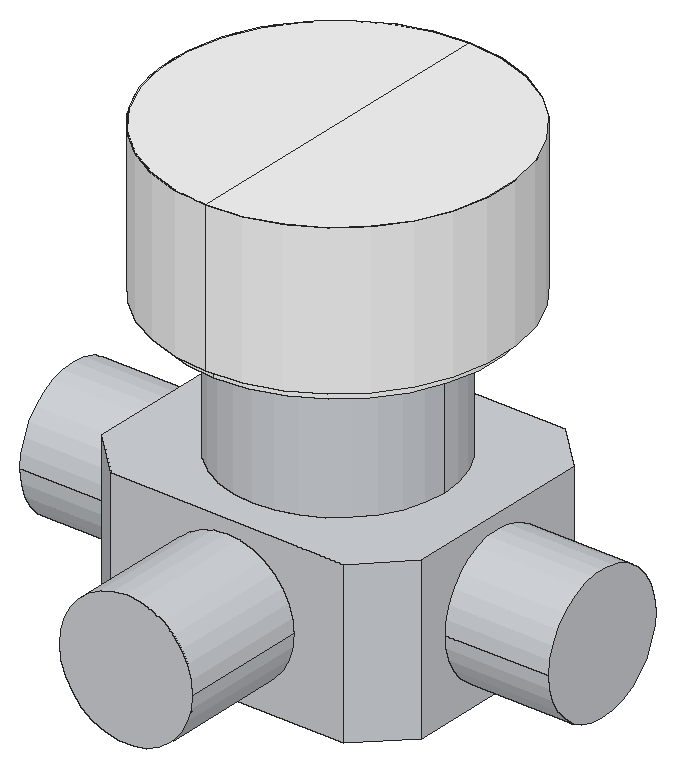
Revit family "Reece_Tap_Milli_Pure_Shower or Bath Mixer_Progressive_Wall Mount_Linear Texture", category Plumbing Fixtures, host Face, Revit 2018
Family settings
  Host = Face
  Round Connector Dimension = Use Diameter
  Part Type = Normal
  Cut with Voids When Loaded = No
  Shared = Yes
  Room Calculation Point = Yes
Parameters (values of type "Chrome")
  WFU = 0  # constant formula
  URL = "https://www.reece.com.au/product/-2224550"
  Type Comments = "Tap"
  Reece_Tap_Inlet = 12 mm  # constant formula
  Reece_Product_Web Page = "https://www.reece.com.au/product/-2224550"
  Reece_Product_Type = "Tap"  # constant formula
  Reece_Product_Sub Brand = "Pure"  # constant formula
  Reece_Product_Number = "2224550"
  Reece_Product_Mount = "Wall Mounted"
  Reece_Product_Description = "Milli Pure Progressive Shower / Bath Mixer Tap with Linear Textured Handle Chrome"
  Reece_Product_Brand = "Milli"  # constant formula
  Reece_Overall_Width = 62 mm  # constant formula
  Reece_Overall_Height = 30 mm  # constant formula
  Reece_Material_Secondary = Reece_Brass_Chrome_Linear Pattern
  Reece_Material-Main = Reece_Brass_Chrome
  Reece_Detail_Tap_Handle Texture = "Linear Texture"  # constant formula
  Reece_Detail_Installation = ""
  Reece_Detail_Disclaimer = "THIS FILE IS THE PROPERTY OF THE REECE GROUP. IT MAY NOT BE REPRODUCED, REVERSE-ENGINEERED OR MODIFIED. ANY REPUBLICATION, TRANSMISSION OR DISTRIBUTION FOR THE PURPOSE OF COMMERCIALLY EXPLOITING THE FILES IS PROHIBITED."  # constant formula
  Reece_Detail_Connector = ""
  Reece_Detail_Additional = ""
  Reece_3D Texture = no
  Reece_3D Simplified Geometry = not(Reece_3D Texture)  # yes
  Model = "Pure"
  Manufacturer = "Milli"
  Keynote = "Product #2224550, Reece_Tap_Milli_Pure_Shower or Bath Mixer_Progressive_Wall Mount_Linear Texture - Chrome"
  HWFU = 0  # constant formula
  Disclaimer = "THIS FILE IS THE PROPERTY OF THE REECE GROUP. IT MAY NOT BE REPRODUCED, REVERSE-ENGINEERED OR MODIFIED. ANY REPUBLICATION, TRANSMISSION OR DISTRIBUTION FOR THE PURPOSE OF COMMERCIALLY EXPLOITING THE FILES IS PROHIBITED."  # constant formula
  Description = "Milli Pure Progressive Shower / Bath Mixer Tap with Linear Textured Handle Chrome"
  Default Elevation = 1000 mm
  CWFU = 0  # constant formula
Types (7, lengths in mm): name | URL | Reece_Product_Web Page | Reece_Product_Number | Reece_Product_Description | Reece_Material_Secondary | Reece_Material-Main | Keynote | Description
  (no name) | "https://www.reece.com.au/product/-2224552" | "https://www.reece.com.au/product/-2224552" | "2224552" | "Milli Pure Progressive Shower / Bath Mixer Tap with Linear Textured Handle Brushed Gunmetal" | Reece_Brass_Brushed Gunmetal_Linear Pattern | Reece_Brass_Brushed Gunmetal | "Product #2224552, Reece_Tap_Milli_Pure_Shower or Bath Mixer_Progressive_Wall Mount_Linear Texture -  " | "Milli Pure Progressive Shower / Bath Mixer Tap with Linear Textured Handle Brushed Gunmetal"
  Brushed Gunmetal | "https://www.reece.com.au/product/-2224552" | "https://www.reece.com.au/product/-2224552" | "2224552" | "Milli Pure Progressive Shower / Bath Mixer Tap with Linear Textured Handle Brushed Gunmetal" | Reece_Brass_Brushed Gunmetal_Linear Pattern | Reece_Brass_Brushed Gunmetal | "Product #2224552, Reece_Tap_Milli_Pure_Shower or Bath Mixer_Progressive_Wall Mount_Linear Texture - Brushed Gunmetal" | "Milli Pure Progressive Shower / Bath Mixer Tap with Linear Textured Handle Brushed Gunmetal"
  Chrome | "https://www.reece.com.au/product/-2224550" | "https://www.reece.com.au/product/-2224550" | "2224550" | "Milli Pure Progressive Shower / Bath Mixer Tap with Linear Textured Handle Chrome" | Reece_Brass_Chrome_Linear Pattern | Reece_Brass_Chrome | "Product #2224550, Reece_Tap_Milli_Pure_Shower or Bath Mixer_Progressive_Wall Mount_Linear Texture - Chrome" | "Milli Pure Progressive Shower / Bath Mixer Tap with Linear Textured Handle Chrome"
  Matte Black | "https://www.reece.com.au/product/-2224553" | "https://www.reece.com.au/product/-2224553" | "2224553" | "Milli Pure Progressive Shower / Bath Mixer Tap with Linear Textured Handle Matte Black" | Reece_Brass_Matte Black_Linear Pattern | Reece_Brass_Matte Black | "Product #2224553, Reece_Tap_Milli_Pure_Shower or Bath Mixer_Progressive_Wall Mount_Linear Texture - Matte Black" | "Milli Pure Progressive Shower / Bath Mixer Tap with Linear Textured Handle Matte Black"
  Brushed Nickel | "https://www.reece.com.au/product/-2224551" | "https://www.reece.com.au/product/-2224551" | "2224551" | "Milli Pure Progressive Shower / Bath Mixer Tap with Linear Textured Handle Brushed Nickel" | Reece_Brass_Brushed Nickel_Linear Pattern | Reece_Brass_Brushed Nickel | "Product #2224551, Reece_Tap_Milli_Pure_Shower or Bath Mixer_Progressive_Wall Mount_Linear Texture - Brushed Nickel" | "Milli Pure Progressive Shower / Bath Mixer Tap with Linear Textured Handle Brushed Nickel"
  PVD Brushed Bronze | "https://www.reece.com.au/product/-9510990" | "https://www.reece.com.au/product/-9510990" | "9510990" | "Milli Pure Progressive Shower / Bath Mixer Tap with Linear Textured Handle PVD Brushed Bronze" | Reece_PVD_Brushed Bronze_Linear Pattern | Reece_PVD_Brushed Bronze | "Product #9510990, Reece_Tap_Milli_Pure_Shower or Bath Mixer_Progressive_Wall Mount_Linear Texture - PVD Brushed Bronze" | "Milli Pure Progressive Shower / Bath Mixer Tap with Linear Textured Handle PVD Brushed Bronze"
  PVD Brushed Gold | "https://www.reece.com.au/product/-9510805" | "https://www.reece.com.au/product/-9510805" | "9510805" | "Milli Pure Progressive Shower / Bath Mixer Tap with Linear Textured Handle PVD Brushed Gold" | Reece_PVD_Brushed Gold_Linear Pattern | Reece_PVD_Brushed Gold | "Product #9510805, Reece_Tap_Milli_Pure_Shower or Bath Mixer_Progressive_Wall Mount_Linear Texture - PVD Brushed Gold" | "Milli Pure Progressive Shower / Bath Mixer Tap with Linear Textured Handle PVD Brushed Gold"
Reference planes
  plane 1 "Center (Front/Back)": y = 0
  plane 2 "Bottom": z = 0
  plane 3 "Center (Left/Right)": x = 0
  plane 4 "Top": z = 30
  plane 5: y = -31
  plane 6: y = 31
Forms (mm)
  Extrusion 1, solid
    sketch origin (-50, 0, 0) x (1, 0, 0) y (0, 1, 0)
      loop
        circle (50, 0) r 20
    from 0 to -25
  Extrusion 2, solid
    sketch origin (-16.5, 50, 0) x (0, -1, 0) y (0, 0, 1)
      loop
        circle (50, -40) r 12.5
    from -66.119 to -46.5
  Extrusion 3, void
    sketch origin (50, 0, 0) x (-1, 0, 0) y (0, -1, 0)
      loop
        circle (50, 0) r 25
    from 0 to -30
  Extrusion 4, solid
    sketch origin (16.5, 50, 0) x (0, -1, 0) y (0, 0, -1)
      loop
        circle (50, 40) r 12.5
    from -66.119 to -46.5
  Extrusion 5, solid
    sketch origin (-50, 0, 0) x (1, 0, 0) y (0, 1, 0)
      loop
        line (28.147, 26) -> (20, 17.853) -> (20, -17.853) -> (28.147, -26) -> (71.853, -26) -> (80, -17.853) -> (80, 17.853) -> (71.853, 26) -> (28.147, 26)
    from -55 to -25
  Extrusion 6, solid
    sketch origin (-50, 16.5, 0) x (1, 0, 0) y (0, 0, -1)
      loop
        circle (50, 40) r 12.5
    from -66.119 to -42.5
Cuts and joins
  Extrusion 3 cuts Extrusion 2
  joined: Extrusion 1, Extrusion 2, Extrusion 4, Extrusion 5, Extrusion 6
Text (mm)
  text "Reece Copyright © 2018, Reece Ltd." at (-1146.244, -273.583, 0), in view "Ref. Level"
  text "Reece ©" at (44.384, 258.95, 192.345), in view "Reece Preview"
Dimensions and locks
  "Reece_Overall_Width": plane 6 to plane 5
  "Reece_Overall_Height": plane 4 "Top" to plane 2 "Bottom"
  equal spacing: plane 6, plane 1 "Center (Front/Back)", plane 5
  aligned and locked: plane 2 "Bottom" to host face
  aligned and locked: level to host face
Automatic sketch dimensions
  host sketch curve to host sketch curve = 380.785 mm
  host sketch curve to host sketch curve = 317.421 mm
  Extrusion 1 sketch curve to Extrusion 1 sketch curve = 0 mm  (x2)
  plane 1 "Center (Front/Back)" to Extrusion 1 sketch curve = 0 mm
  Extrusion 1 sketch curve to plane 3 "Center (Left/Right)" = 0 mm
  Extrusion 1 sketch curve to Extrusion 1 sketch curve = 20 mm
  Extrusion 2 sketch curve to plane 1 "Center (Front/Back)" = 0 mm
  Extrusion 2 sketch curve to level = 40 mm
  Extrusion 3 sketch curve to Extrusion 3 sketch curve = 0 mm  (x2)
  plane 1 "Center (Front/Back)" to Extrusion 3 sketch curve = 0 mm
  Extrusion 3 sketch curve to plane 3 "Center (Left/Right)" = 0 mm
  Extrusion 3 sketch curve to plane 3 "Center (Left/Right)" = 25 mm
  Extrusion 4 sketch curve to plane 1 "Center (Front/Back)" = 0 mm
  Extrusion 4 sketch curve to level = 40 mm
  Extrusion 5 sketch curve to plane 5 = 13.147 mm
  Extrusion 5 sketch curve to plane 3 "Center (Left/Right)" = 30 mm
  Extrusion 5 sketch curve to plane 6 = 5 mm
  Extrusion 5 sketch curve to Extrusion 5 sketch curve = 8.147 mm  (x6)
  Extrusion 5 sketch curve to plane 5 = 5 mm
  plane 3 "Center (Left/Right)" to Extrusion 5 sketch curve = 21.853 mm  (x2)
  Extrusion 6 sketch curve to plane 3 "Center (Left/Right)" = 0 mm
  Extrusion 6 sketch curve to level = 40 mm
  radius of Extrusion 2 sketch curve = 12.5 mm
  radius of Extrusion 4 sketch curve = 12.5 mm
  radius of Extrusion 6 sketch curve = 12.5 mm
Nested families
  nested 1: "Reece_Tap_Milli_Pure_Diverter_Linear Texture_Cap_62mm" at (0, 0, 0), visible <- "Reece_3D Texture", Reece_Material-Main <- "Reece_Material-Main", Reece_Material_Secondary <- "Reece_Material_Secondary", type "62mm x 30mm"
    with Reece_Material_Secondary Reece_Brass_Chrome_Linear Pattern, Reece_Material-Main Reece_Brass_Chrome
  nested 2: "Reece_Tap_Milli_Pure_Diverter_Texture_Main_Nested" at (0, 0, 0), visible <- "Reece_3D Simplified Geometry", Reece_Material-Main <- "Reece_Material-Main", Reece_Material_Secondary <- "Reece_Material_Secondary", type "62mm x 30mm"
    with Reece_Material_Secondary Reece_Brass_Chrome_Linear Pattern, Reece_Material-Main Reece_Brass_Chrome
Connectors
  piping at (49.619, 0, -40), diameter 12, driven by "Reece_Tap_Inlet"
    settings: on cut or joined group of Extrusion 1, Extrusion 2, Extrusion 3, Extrusion 4, Extrusion 5, Extrusion 6, index 2, connector inside diameter 609.6 mm, connector length 0 mm, flow factor 0, pipe flow 0.0 L/s, pressure drop 0.0 Pa, fitting loss kfactor 0, connector angle 0.00°, fixture units 0, engagement length 0 mm, angle of deflection 0.00°, flow configuration 0, flow direction 2, fitting loss method 0, system type 29, joint type 0, gender type 0, connector reference index -1, connector utility 0, adjustable connector no, is connector primary yes, connector description ""
  piping at (-49.619, 0, -40), diameter 12, driven by "Reece_Tap_Inlet"
    settings: on Extrusion 4, index 3, connector inside diameter 609.6 mm, connector length 0 mm, flow factor 0, pipe flow 0.0 L/s, pressure drop 0.0 Pa, fitting loss kfactor 0, connector angle 0.00°, fixture units 0, engagement length 0 mm, angle of deflection 0.00°, flow configuration 0, flow direction 2, fitting loss method 0, system type 29, joint type 0, gender type 0, connector reference index -1, connector utility 0, adjustable connector no, is connector primary no, connector description ""
  piping at (0, -49.619, -40), diameter 12, driven by "Reece_Tap_Inlet"
    settings: on Extrusion 6, index 5, connector inside diameter 609.6 mm, connector length 0 mm, flow factor 0, pipe flow 0.0 L/s, pressure drop 0.0 Pa, fitting loss kfactor 0, connector angle 0.00°, fixture units 0, engagement length 0 mm, angle of deflection 0.00°, flow configuration 0, flow direction 1, fitting loss method 0, system type 29, joint type 0, gender type 0, connector reference index -1, connector utility 0, adjustable connector no, is connector primary no, connector description ""
Definition of nested family "Reece_Tap_Milli_Pure_Diverter_Linear Texture_Cap_62mm"
  Parameters (values of type "62mm x 30mm")
    WFU = 0  # constant formula
    Reece_Overall_Width = 62 mm
    Reece_Overall_Height = 30 mm  # constant formula
    Reece_Material_Secondary [instance] = none
    Reece_Material-Main [instance] = none
    Reece_Detail_Installation = ""
    Reece_Detail_Connector = ""
    Reece_Detail_Additional = ""
    HWFU = 0  # constant formula
    Default Elevation = 1000 mm
    CWFU = 0  # constant formula
  Reference planes
    plane 1 "Center (Front/Back)": y = 0
    plane 2 "Bottom": z = 0
    plane 3 "Center (Left/Right)": x = 0
    plane 4: y = -31
    plane 5: y = 31
    plane 6: z = 30
    plane 7: y = -29
    plane 8: y = 29
  Forms (mm)
    Extrusion 1, solid
      sketch origin (619.2, -619.2, 0) x (1, 0, 0) y (0, 1, 0)
        loop
          line (-809.2, 779.2) -> (-809.2, 461.779) -> (-428.415, 461.779) -> (-428.415, 779.2) -> (-809.2, 779.2)
      from 0 to -9.564
    Revolve 2, solid, material <- "Reece_Material-Main"
      sketch origin (0, 0, -140.292) x (0, 1, 0) y (0, 0, 1)
        loop
          line (0, 148.292) -> (-31, 148.292) -> (-31, 142.292) -> (-29, 142.292) -> (-29, 140.292) -> (-27, 140.292) -> (-27, 144.803) -> (0, 144.803) -> (0, 148.292)
        axis (0, 140.292) -> (0, 148.292)
      angle from 0 to 360
    Extrusion 3, solid, material <- "Reece_Material-Main"
      sketch origin (300, 0, 0) x (1, 0, 0) y (0, 1, 0)
        loop
          arc (-296.03, 29.736) -> (-296.921, 30.824) -> (-298.01, 29.934) r 0.995
          arc (-298.01, 29.934) -> (-298.685, 30.924) -> (-299.653, 30.218) r 0.834
          arc (-299.653, 30.218) -> (-300.619, 30.953) -> (-301.333, 29.97) r 0.849
          arc (-301.333, 29.97) -> (-302.402, 30.885) -> (-303.318, 29.816) r 0.995
          arc (-303.318, 29.816) -> (-304.445, 30.657) -> (-305.288, 29.53) r 0.995
          arc (-305.288, 29.53) -> (-306.469, 30.295) -> (-307.234, 29.115) r 0.995
          arc (-307.234, 29.115) -> (-308.464, 29.799) -> (-309.149, 28.571) r 0.995
          arc (-309.149, 28.571) -> (-310.421, 29.172) -> (-311.024, 27.901) r 0.995
          arc (-311.024, 27.901) -> (-312.333, 28.417) -> (-312.85, 27.108) r 0.995
          arc (-312.85, 27.108) -> (-314.191, 27.536) -> (-314.62, 26.197) r 0.995
          arc (-314.62, 26.197) -> (-315.986, 26.535) -> (-316.325, 25.169) r 0.995
          arc (-316.325, 25.169) -> (-317.71, 25.416) -> (-317.958, 24.031) r 0.995
          arc (-317.958, 24.031) -> (-319.357, 24.186) -> (-319.513, 22.787) r 0.995
          arc (-319.513, 22.787) -> (-320.918, 22.849) -> (-320.981, 21.443) r 0.995
          arc (-320.981, 21.443) -> (-322.388, 21.411) -> (-322.357, 20.004) r 0.995
          arc (-322.357, 20.004) -> (-323.758, 19.879) -> (-323.634, 18.478) r 0.995
          arc (-323.634, 18.478) -> (-325.024, 18.26) -> (-324.808, 16.869) r 0.995
          arc (-324.808, 16.869) -> (-326.18, 16.56) -> (-325.872, 15.187) r 0.995
          arc (-325.872, 15.187) -> (-327.221, 14.787) -> (-326.822, 13.438) r 0.995
          arc (-326.822, 13.438) -> (-328.142, 12.949) -> (-327.654, 11.629) r 0.995
          arc (-327.654, 11.629) -> (-328.938, 11.054) -> (-328.365, 9.77) r 0.995
          arc (-328.365, 9.77) -> (-329.608, 9.111) -> (-328.95, 7.867) r 0.995
          arc (-328.95, 7.867) -> (-330.147, 7.127) -> (-329.408, 5.93) r 0.995
          arc (-329.408, 5.93) -> (-330.553, 5.112) -> (-329.737, 3.966) r 0.995
          arc (-329.737, 3.966) -> (-330.825, 3.074) -> (-329.934, 1.985) r 0.995
          arc (-329.934, 1.985) -> (-330.961, 1.023) -> (-330, -0.004) r 0.995
          arc (-330, -0.004) -> (-330.961, -1.032) -> (-329.934, -1.994) r 0.995
          arc (-329.934, -1.994) -> (-330.824, -3.083) -> (-329.736, -3.975) r 0.995
          arc (-329.736, -3.975) -> (-330.552, -5.121) -> (-329.406, -5.938) r 0.995
          arc (-329.406, -5.938) -> (-330.145, -7.136) -> (-328.948, -7.875) r 0.995
          arc (-328.948, -7.875) -> (-329.605, -9.119) -> (-328.362, -9.778) r 0.995
          arc (-328.362, -9.778) -> (-328.935, -11.063) -> (-327.651, -11.637) r 0.995
          arc (-327.651, -11.637) -> (-328.138, -12.957) -> (-326.818, -13.446) r 0.995
          arc (-326.818, -13.446) -> (-327.216, -14.795) -> (-325.867, -15.195) r 0.995
          arc (-325.867, -15.195) -> (-326.175, -16.567) -> (-324.803, -16.877) r 0.995
          arc (-324.803, -16.877) -> (-325.019, -18.267) -> (-323.629, -18.484) r 0.995
          arc (-323.629, -18.484) -> (-323.752, -19.886) -> (-322.351, -20.011) r 0.995
          arc (-322.351, -20.011) -> (-322.381, -21.417) -> (-320.975, -21.449) r 0.995
          arc (-320.975, -21.449) -> (-320.912, -22.855) -> (-319.506, -22.793) r 0.995
          arc (-319.506, -22.793) -> (-319.35, -24.191) -> (-317.951, -24.036) r 0.995
          arc (-317.951, -24.036) -> (-317.703, -25.421) -> (-316.318, -25.174) r 0.995
          arc (-316.318, -25.174) -> (-315.978, -26.539) -> (-314.612, -26.201) r 0.995
          arc (-314.612, -26.201) -> (-314.183, -27.541) -> (-312.842, -27.112) r 0.995
          arc (-312.842, -27.112) -> (-312.325, -28.421) -> (-311.016, -27.904) r 0.995
          arc (-311.016, -27.904) -> (-310.413, -29.175) -> (-309.141, -28.573) r 0.995
          arc (-309.141, -28.573) -> (-308.455, -29.802) -> (-307.226, -29.117) r 0.995
          arc (-307.226, -29.117) -> (-306.46, -30.297) -> (-305.279, -29.532) r 0.995
          arc (-305.279, -29.532) -> (-304.436, -30.659) -> (-303.309, -29.817) r 0.995
          arc (-303.309, -29.817) -> (-302.393, -30.885) -> (-301.324, -29.971) r 0.995
          arc (-301.324, -29.971) -> (-300.34, -30.976) -> (-299.333, -29.993) r 0.995
          arc (-299.333, -29.993) -> (-298.285, -30.93) -> (-297.346, -29.882) r 0.995
          arc (-297.346, -29.882) -> (-296.237, -30.748) -> (-295.37, -29.641) r 0.995
          arc (-295.37, -29.641) -> (-294.206, -30.431) -> (-293.414, -29.268) r 0.995
          arc (-293.414, -29.268) -> (-292.201, -29.98) -> (-291.488, -28.767) r 0.995
          arc (-291.488, -28.767) -> (-290.229, -29.397) -> (-289.598, -28.139) r 0.995
          arc (-289.598, -28.139) -> (-288.301, -28.684) -> (-287.755, -27.387) r 0.995
          arc (-287.755, -27.387) -> (-286.425, -27.845) -> (-285.966, -26.515) r 0.995
          arc (-285.966, -26.515) -> (-284.608, -26.883) -> (-284.238, -25.526) r 0.995
          arc (-284.238, -25.526) -> (-282.859, -25.803) -> (-282.58, -24.424) r 0.995
          arc (-282.58, -24.424) -> (-281.185, -24.61) -> (-280.999, -23.215) r 0.995
          arc (-280.999, -23.215) -> (-279.595, -23.308) -> (-279.501, -21.904) r 0.995
          arc (-279.501, -21.904) -> (-278.094, -21.903) -> (-278.093, -20.496) r 0.995
          arc (-278.093, -20.496) -> (-276.689, -20.402) -> (-276.782, -18.998) r 0.995
          arc (-276.782, -18.998) -> (-275.388, -18.811) -> (-275.573, -17.416) r 0.995
          arc (-275.573, -17.416) -> (-274.194, -17.137) -> (-274.472, -15.758) r 0.995
          arc (-274.472, -15.758) -> (-273.114, -15.388) -> (-273.483, -14.03) r 0.995
          arc (-273.483, -14.03) -> (-272.153, -13.571) -> (-272.611, -12.241) r 0.995
          arc (-272.611, -12.241) -> (-271.314, -11.694) -> (-271.859, -10.397) r 0.995
          arc (-271.859, -10.397) -> (-270.602, -9.766) -> (-271.232, -8.508) r 0.995
          arc (-271.232, -8.508) -> (-270.019, -7.795) -> (-270.731, -6.582) r 0.995
          arc (-270.731, -6.582) -> (-269.568, -5.79) -> (-270.359, -4.626) r 0.995
          arc (-270.359, -4.626) -> (-269.251, -3.759) -> (-270.117, -2.65) r 0.995
          arc (-270.117, -2.65) -> (-269.069, -1.711) -> (-270.007, -0.662) r 0.995
          arc (-270.007, -0.662) -> (-269.024, 0.344) -> (-270.029, 1.328) r 0.995
          arc (-270.029, 1.328) -> (-269.115, 2.398) -> (-270.184, 3.313) r 0.995
          arc (-270.184, 3.313) -> (-269.342, 4.441) -> (-270.469, 5.283) r 0.995
          arc (-270.469, 5.283) -> (-269.704, 6.464) -> (-270.884, 7.23) r 0.995
          arc (-270.884, 7.23) -> (-270.2, 8.459) -> (-271.428, 9.145) r 0.995
          arc (-271.428, 9.145) -> (-270.826, 10.417) -> (-272.097, 11.02) r 0.995
          arc (-272.097, 11.02) -> (-271.581, 12.329) -> (-272.89, 12.846) r 0.995
          arc (-272.89, 12.846) -> (-272.462, 14.187) -> (-273.801, 14.616) r 0.995
          arc (-273.801, 14.616) -> (-273.463, 15.982) -> (-274.828, 16.321) r 0.995
          arc (-274.828, 16.321) -> (-274.581, 17.706) -> (-275.966, 17.955) r 0.995
          arc (-275.966, 17.955) -> (-275.812, 19.353) -> (-277.21, 19.509) r 0.995
          arc (-277.21, 19.509) -> (-277.148, 20.915) -> (-278.554, 20.978) r 0.995
          arc (-278.554, 20.978) -> (-278.586, 22.384) -> (-279.992, 22.354) r 0.995
          arc (-279.992, 22.354) -> (-280.118, 23.755) -> (-281.519, 23.632) r 0.995
          arc (-281.519, 23.632) -> (-281.737, 25.022) -> (-283.127, 24.805) r 0.995
          arc (-283.127, 24.805) -> (-283.436, 26.178) -> (-284.809, 25.87) r 0.995
          arc (-284.809, 25.87) -> (-285.209, 27.219) -> (-286.558, 26.82) r 0.995
          arc (-286.558, 26.82) -> (-287.047, 28.14) -> (-288.367, 27.653) r 0.995
          arc (-288.367, 27.653) -> (-288.942, 28.937) -> (-290.226, 28.363) r 0.995
          arc (-290.226, 28.363) -> (-290.885, 29.606) -> (-292.129, 28.949) r 0.995
          arc (-292.129, 28.949) -> (-292.869, 30.146) -> (-294.066, 29.407) r 0.995
          arc (-294.066, 29.407) -> (-294.884, 30.552) -> (-296.03, 29.736) r 0.995
      from 8 to 30
  Text (mm)
    text "Reece Copyright © 2018, Reece Ltd." at (-1403.988, -1192.393, 0), in view "Ref. Level"
    text "Reece ©" at (44.384, 258.95, 192.345), in view "Reece Preview"
  Dimensions and locks
    equal spacing: plane 5, plane 1 "Center (Front/Back)", plane 4
    "Reece_Overall_Width": plane 5 to plane 4
    "Reece_Overall_Height": plane 6 to plane 2 "Bottom"
    locked: plane 7 to plane 4 at 2
    locked: plane 5 to plane 8 at 2
    aligned and locked: plane 2 "Bottom" to Extrusion 1
    aligned and locked: level to Extrusion 1
  Automatic sketch dimensions
    Extrusion 1 sketch curve to Extrusion 1 sketch curve = 380.785 mm
    Extrusion 1 sketch curve to Extrusion 1 sketch curve = 317.421 mm
    Revolve 2 sketch curve to plane 4 = 0 mm
    level to Revolve 2 sketch curve = 0 mm
    Revolve 2 sketch curve to plane 7 = 0 mm
    Revolve 2 sketch curve to plane 1 "Center (Front/Back)" = 0 mm  (x2)
    plane 7 to Revolve 2 sketch curve = 2 mm
    level to Revolve 2 sketch curve = 2 mm
    level to Revolve 2 sketch curve = 4.511 mm
    Revolve 2 sketch curve to Revolve 2 sketch curve = 3.489 mm
    plane 6 to Revolve 2 sketch curve = 17.996 mm
    Revolve 2 sketch curve to Revolve 2 sketch curve = 3.712 mm
    Extrusion 3 sketch curve to plane 1 "Center (Front/Back)" = 0.99 mm
    Extrusion 3 sketch curve to Extrusion 3 sketch curve = 0 mm
    Extrusion 3 sketch curve to Extrusion 3 sketch curve = 0.132 mm  (x2)
    Extrusion 3 sketch curve to Extrusion 3 sketch curve = 0.263 mm
    Extrusion 3 sketch curve to Extrusion 3 sketch curve = 0.264 mm
    Extrusion 3 sketch curve to Extrusion 3 sketch curve = 0.393 mm
    Extrusion 3 sketch curve to Extrusion 3 sketch curve = 0.394 mm
    Extrusion 3 sketch curve to Extrusion 3 sketch curve = 0.522 mm  (x2)
    Extrusion 3 sketch curve to Extrusion 3 sketch curve = 0.648 mm  (x2)
    Extrusion 3 sketch curve to Extrusion 3 sketch curve = 0.771 mm
    Extrusion 3 sketch curve to Extrusion 3 sketch curve = 0.772 mm
    Extrusion 3 sketch curve to Extrusion 3 sketch curve = 0.891 mm
    Extrusion 3 sketch curve to Extrusion 3 sketch curve = 0.892 mm
    Extrusion 3 sketch curve to Extrusion 3 sketch curve = 1.007 mm  (x2)
    Extrusion 3 sketch curve to Extrusion 3 sketch curve = 1.008 mm
    Extrusion 3 sketch curve to Extrusion 3 sketch curve = 1.119 mm  (x3)
    Extrusion 3 sketch curve to Extrusion 3 sketch curve = 1.225 mm
    Extrusion 3 sketch curve to Extrusion 3 sketch curve = 1.226 mm  (x2)
    Extrusion 3 sketch curve to Extrusion 3 sketch curve = 1.327 mm  (x3)
    Extrusion 3 sketch curve to Extrusion 3 sketch curve = 1.422 mm  (x3)
    Extrusion 3 sketch curve to Extrusion 3 sketch curve = 1.511 mm  (x2)
    Extrusion 3 sketch curve to Extrusion 3 sketch curve = 1.512 mm
    Extrusion 3 sketch curve to Extrusion 3 sketch curve = 1.594 mm  (x3)
    Extrusion 3 sketch curve to Extrusion 3 sketch curve = 1.669 mm  (x2)
    Extrusion 3 sketch curve to Extrusion 3 sketch curve = 1.67 mm
    Extrusion 3 sketch curve to Extrusion 3 sketch curve = 1.737 mm  (x2)
    Extrusion 3 sketch curve to Extrusion 3 sketch curve = 1.738 mm
    Extrusion 3 sketch curve to Extrusion 3 sketch curve = 1.798 mm  (x3)
    plane 7 to Extrusion 3 sketch curve = 1.493 mm
    plane 8 to Extrusion 3 sketch curve = 0.765 mm
    Extrusion 3 sketch curve to Extrusion 3 sketch curve = 1.85 mm  (x2)
    plane 7 to Extrusion 3 sketch curve = 0.762 mm
    Extrusion 3 sketch curve to Extrusion 3 sketch curve = 1.851 mm
    plane 8 to Extrusion 3 sketch curve = 0.158 mm
    Extrusion 3 sketch curve to Extrusion 3 sketch curve = 1.895 mm  (x3)
    plane 7 to Extrusion 3 sketch curve = 0.156 mm
    Extrusion 3 sketch curve to plane 8 = 0.322 mm
    Extrusion 3 sketch curve to Extrusion 3 sketch curve = 1.931 mm  (x3)
    Extrusion 3 sketch curve to plane 7 = 0.323 mm
    Extrusion 3 sketch curve to Extrusion 3 sketch curve = 1.958 mm  (x2)
    Extrusion 3 sketch curve to Extrusion 3 sketch curve = 1.959 mm
    Extrusion 3 sketch curve to plane 8 = 0.892 mm
    Extrusion 3 sketch curve to Extrusion 3 sketch curve = 1.977 mm  (x3)
    Extrusion 3 sketch curve to plane 3 "Center (Left/Right)" = 0.496 mm
    Extrusion 3 sketch curve to plane 3 "Center (Left/Right)" = 0.329 mm
    plane 3 "Center (Left/Right)" to Extrusion 3 sketch curve = 1.173 mm
    plane 3 "Center (Left/Right)" to Extrusion 3 sketch curve = 1.66 mm
    Extrusion 3 sketch curve to Extrusion 3 sketch curve = 1.807 mm
    Extrusion 3 sketch curve to Extrusion 3 sketch curve = 1.982 mm  (x2)
    Extrusion 3 sketch curve to plane 8 = 0.571 mm
    Extrusion 3 sketch curve to Extrusion 3 sketch curve = 1.972 mm  (x3)
    Extrusion 3 sketch curve to plane 7 = 0.453 mm
    Extrusion 3 sketch curve to Extrusion 3 sketch curve = 1.966 mm
    Extrusion 3 sketch curve to plane 8 = 0.177 mm
    Extrusion 3 sketch curve to Extrusion 3 sketch curve = 1.95 mm  (x3)
    Extrusion 3 sketch curve to plane 7 = 0.017 mm
    Extrusion 3 sketch curve to Extrusion 3 sketch curve = 1.941 mm  (x2)
    plane 8 to Extrusion 3 sketch curve = 0.345 mm
    Extrusion 3 sketch curve to Extrusion 3 sketch curve = 1.92 mm  (x3)
    plane 7 to Extrusion 3 sketch curve = 0.548 mm
    Extrusion 3 sketch curve to Extrusion 3 sketch curve = 1.908 mm  (x2)
    Extrusion 3 sketch curve to Extrusion 3 sketch curve = 1.881 mm  (x3)
    plane 7 to Extrusion 3 sketch curve = 1.238 mm
    Extrusion 3 sketch curve to Extrusion 3 sketch curve = 1.866 mm  (x2)
    Extrusion 3 sketch curve to Extrusion 3 sketch curve = 1.834 mm  (x3)
    Extrusion 3 sketch curve to Extrusion 3 sketch curve = 1.816 mm  (x2)
    Extrusion 3 sketch curve to Extrusion 3 sketch curve = 1.779 mm  (x3)
    Extrusion 3 sketch curve to Extrusion 3 sketch curve = 1.758 mm
    Extrusion 3 sketch curve to Extrusion 3 sketch curve = 1.716 mm  (x2)
    Extrusion 3 sketch curve to Extrusion 3 sketch curve = 1.693 mm  (x2)
    Extrusion 3 sketch curve to Extrusion 3 sketch curve = 1.645 mm  (x3)
    Extrusion 3 sketch curve to Extrusion 3 sketch curve = 1.62 mm  (x2)
    Extrusion 3 sketch curve to Extrusion 3 sketch curve = 1.567 mm  (x3)
    Extrusion 3 sketch curve to Extrusion 3 sketch curve = 1.54 mm  (x2)
    Extrusion 3 sketch curve to Extrusion 3 sketch curve = 1.482 mm  (x2)
    Extrusion 3 sketch curve to Extrusion 3 sketch curve = 1.453 mm  (x2)
    Extrusion 3 sketch curve to Extrusion 3 sketch curve = 1.391 mm  (x3)
    Extrusion 3 sketch curve to Extrusion 3 sketch curve = 1.359 mm  (x2)
    Extrusion 3 sketch curve to Extrusion 3 sketch curve = 1.294 mm  (x3)
    Extrusion 3 sketch curve to Extrusion 3 sketch curve = 1.26 mm  (x2)
    Extrusion 3 sketch curve to Extrusion 3 sketch curve = 1.191 mm  (x3)
    Extrusion 3 sketch curve to Extrusion 3 sketch curve = 1.155 mm  (x2)
    Extrusion 3 sketch curve to Extrusion 3 sketch curve = 1.082 mm  (x2)
    Extrusion 3 sketch curve to Extrusion 3 sketch curve = 1.045 mm  (x2)
    Extrusion 3 sketch curve to Extrusion 3 sketch curve = 0.969 mm  (x2)
    Extrusion 3 sketch curve to Extrusion 3 sketch curve = 0.93 mm  (x2)
    Extrusion 3 sketch curve to Extrusion 3 sketch curve = 0.852 mm  (x2)
    Extrusion 3 sketch curve to Extrusion 3 sketch curve = 0.812 mm  (x2)
    Extrusion 3 sketch curve to Extrusion 3 sketch curve = 0.731 mm
    Extrusion 3 sketch curve to Extrusion 3 sketch curve = 0.69 mm
    Extrusion 3 sketch curve to Extrusion 3 sketch curve = 0.607 mm
    Extrusion 3 sketch curve to Extrusion 3 sketch curve = 0.564 mm
    Extrusion 3 sketch curve to Extrusion 3 sketch curve = 0.479 mm
    Extrusion 3 sketch curve to Extrusion 3 sketch curve = 0.436 mm
    Extrusion 3 sketch curve to Extrusion 3 sketch curve = 0.35 mm
    Extrusion 3 sketch curve to Extrusion 3 sketch curve = 0.307 mm
    Extrusion 3 sketch curve to Extrusion 3 sketch curve = 0.22 mm
    plane 1 "Center (Front/Back)" to Extrusion 3 sketch curve = 1.656 mm
    Extrusion 3 sketch curve to Extrusion 3 sketch curve = 0.176 mm
    Extrusion 3 sketch curve to plane 1 "Center (Front/Back)" = 0.333 mm
    Extrusion 3 sketch curve to Extrusion 3 sketch curve = 0.088 mm
    Extrusion 3 sketch curve to plane 7 = 0.673 mm
    Extrusion 3 sketch curve to plane 7 = 0.76 mm
    Extrusion 3 sketch curve to plane 7 = 0.893 mm
    Extrusion 3 sketch curve to plane 7 = 0.936 mm
    Extrusion 3 sketch curve to plane 7 = 0.981 mm
    Extrusion 3 sketch curve to Extrusion 3 sketch curve = 0.931 mm
    Extrusion 3 sketch curve to Extrusion 3 sketch curve = 1.715 mm
    Extrusion 3 sketch curve to Extrusion 3 sketch curve = 1.759 mm
    plane 1 "Center (Front/Back)" to Extrusion 3 sketch curve = 0.999 mm
    Extrusion 3 sketch curve to Extrusion 3 sketch curve = 1.988 mm
    Extrusion 3 sketch curve to Extrusion 3 sketch curve = 1.985 mm
    Extrusion 3 sketch curve to Extrusion 3 sketch curve = 1.483 mm
    Extrusion 3 sketch curve to Extrusion 3 sketch curve = 1.083 mm
    Extrusion 3 sketch curve to Extrusion 3 sketch curve = 0.97 mm
    plane 8 to Extrusion 3 sketch curve = 1.765 mm
    plane 8 to Extrusion 3 sketch curve = 1.496 mm
    plane 8 to Extrusion 3 sketch curve = 0.993 mm
    Extrusion 3 sketch curve to plane 8 = 0.672 mm
    Extrusion 3 sketch curve to plane 8 = 0.834 mm
    plane 5 to Extrusion 3 sketch curve = 0.897 mm
    plane 5 to Extrusion 3 sketch curve = 0.887 mm
    plane 1 "Center (Front/Back)" to Extrusion 3 sketch curve = 0.004 mm
    Extrusion 3 sketch curve to Extrusion 3 sketch curve = 0.034 mm
    Extrusion 3 sketch curve to Extrusion 3 sketch curve = 0.032 mm  (x2)
    Extrusion 3 sketch curve to Extrusion 3 sketch curve = 0.165 mm
    Extrusion 3 sketch curve to Extrusion 3 sketch curve = 0.098 mm
    Extrusion 3 sketch curve to Extrusion 3 sketch curve = 0.163 mm
    Extrusion 3 sketch curve to Extrusion 3 sketch curve = 0.164 mm
    Extrusion 3 sketch curve to Extrusion 3 sketch curve = 0.294 mm
    Extrusion 3 sketch curve to Extrusion 3 sketch curve = 0.228 mm
    Extrusion 3 sketch curve to Extrusion 3 sketch curve = 0.292 mm  (x2)
    Extrusion 3 sketch curve to Extrusion 3 sketch curve = 0.354 mm
    Extrusion 3 sketch curve to Extrusion 3 sketch curve = 0.355 mm
    Extrusion 3 sketch curve to Extrusion 3 sketch curve = 0.415 mm
    Extrusion 3 sketch curve to Extrusion 3 sketch curve = 0.476 mm
    Extrusion 3 sketch curve to Extrusion 3 sketch curve = 0.474 mm
    Extrusion 3 sketch curve to Extrusion 3 sketch curve = 0.533 mm
    Extrusion 3 sketch curve to Extrusion 3 sketch curve = 0.531 mm  (x2)
    Extrusion 3 sketch curve to Extrusion 3 sketch curve = 0.64 mm
    Extrusion 3 sketch curve to Extrusion 3 sketch curve = 0.586 mm
    Extrusion 3 sketch curve to Extrusion 3 sketch curve = 0.689 mm  (x2)
    Extrusion 3 sketch curve to Extrusion 3 sketch curve = 0.735 mm
    Extrusion 3 sketch curve to Extrusion 3 sketch curve = 0.687 mm
    Extrusion 3 sketch curve to Extrusion 3 sketch curve = 0.733 mm
    Extrusion 3 sketch curve to Extrusion 3 sketch curve = 0.734 mm
    Extrusion 3 sketch curve to Extrusion 3 sketch curve = 0.776 mm
    Extrusion 3 sketch curve to Extrusion 3 sketch curve = 0.777 mm
    Extrusion 3 sketch curve to Extrusion 3 sketch curve = 0.853 mm
    Extrusion 3 sketch curve to Extrusion 3 sketch curve = 0.816 mm
    Extrusion 3 sketch curve to Extrusion 3 sketch curve = 0.885 mm  (x2)
    Extrusion 3 sketch curve to Extrusion 3 sketch curve = 0.884 mm  (x2)
    Extrusion 3 sketch curve to Extrusion 3 sketch curve = 0.938 mm  (x2)
    plane 8 to Extrusion 3 sketch curve = 0.429 mm
    plane 7 to Extrusion 3 sketch curve = 0.427 mm
    Extrusion 3 sketch curve to plane 8 = 0.115 mm
    Extrusion 3 sketch curve to plane 7 = 0.117 mm
    Extrusion 3 sketch curve to plane 8 = 0.53 mm
    Extrusion 3 sketch curve to plane 7 = 0.532 mm
    Extrusion 3 sketch curve to plane 8 = 0.816 mm
    Extrusion 3 sketch curve to plane 7 = 0.817 mm
    Extrusion 3 sketch curve to Extrusion 3 sketch curve = 0.837 mm
    Extrusion 3 sketch curve to plane 7 = 0.971 mm
    plane 3 "Center (Left/Right)" to Extrusion 3 sketch curve = 0.347 mm
    plane 3 "Center (Left/Right)" to Extrusion 3 sketch curve = 0.667 mm
    Extrusion 3 sketch curve to Extrusion 3 sketch curve = 0.817 mm
    Extrusion 3 sketch curve to plane 7 = 0.882 mm
    Extrusion 3 sketch curve to plane 8 = 0.736 mm
    Extrusion 3 sketch curve to plane 7 = 0.641 mm
    Extrusion 3 sketch curve to plane 8 = 0.407 mm
    Extrusion 3 sketch curve to plane 7 = 0.268 mm
    plane 8 to Extrusion 3 sketch curve = 0.051 mm
    plane 7 to Extrusion 3 sketch curve = 0.233 mm
    plane 8 to Extrusion 3 sketch curve = 0.637 mm
    plane 7 to Extrusion 3 sketch curve = 0.861 mm
    Extrusion 3 sketch curve to Extrusion 3 sketch curve = 0.894 mm
    Extrusion 3 sketch curve to Extrusion 3 sketch curve = 0.874 mm
    Extrusion 3 sketch curve to Extrusion 3 sketch curve = 0.895 mm
    Extrusion 3 sketch curve to Extrusion 3 sketch curve = 0.875 mm
    Extrusion 3 sketch curve to Extrusion 3 sketch curve = 0.864 mm
    Extrusion 3 sketch curve to Extrusion 3 sketch curve = 0.803 mm
    Extrusion 3 sketch curve to Extrusion 3 sketch curve = 0.83 mm
    Extrusion 3 sketch curve to Extrusion 3 sketch curve = 0.763 mm
    Extrusion 3 sketch curve to Extrusion 3 sketch curve = 0.791 mm
    Extrusion 3 sketch curve to Extrusion 3 sketch curve = 0.719 mm
    Extrusion 3 sketch curve to Extrusion 3 sketch curve = 0.703 mm
    Extrusion 3 sketch curve to Extrusion 3 sketch curve = 0.671 mm
    Extrusion 3 sketch curve to Extrusion 3 sketch curve = 0.655 mm
    Extrusion 3 sketch curve to Extrusion 3 sketch curve = 0.673 mm
    Extrusion 3 sketch curve to Extrusion 3 sketch curve = 0.656 mm
    Extrusion 3 sketch curve to Extrusion 3 sketch curve = 0.568 mm
    Extrusion 3 sketch curve to Extrusion 3 sketch curve = 0.55 mm
    Extrusion 3 sketch curve to Extrusion 3 sketch curve = 0.513 mm
    Extrusion 3 sketch curve to Extrusion 3 sketch curve = 0.494 mm
    Extrusion 3 sketch curve to Extrusion 3 sketch curve = 0.455 mm
    Extrusion 3 sketch curve to Extrusion 3 sketch curve = 0.495 mm
    Extrusion 3 sketch curve to Extrusion 3 sketch curve = 0.457 mm
    Extrusion 3 sketch curve to Extrusion 3 sketch curve = 0.437 mm
    Extrusion 3 sketch curve to Extrusion 3 sketch curve = 0.334 mm
    Extrusion 3 sketch curve to Extrusion 3 sketch curve = 0.313 mm
    Extrusion 3 sketch curve to Extrusion 3 sketch curve = 0.336 mm
    Extrusion 3 sketch curve to Extrusion 3 sketch curve = 0.315 mm
    Extrusion 3 sketch curve to Extrusion 3 sketch curve = 0.273 mm
    Extrusion 3 sketch curve to Extrusion 3 sketch curve = 0.185 mm
    Extrusion 3 sketch curve to Extrusion 3 sketch curve = 0.209 mm
    Extrusion 3 sketch curve to Extrusion 3 sketch curve = 0.187 mm
    Extrusion 3 sketch curve to Extrusion 3 sketch curve = 0.076 mm
    Extrusion 3 sketch curve to Extrusion 3 sketch curve = 0.122 mm
    Extrusion 3 sketch curve to Extrusion 3 sketch curve = 0.01 mm
    Extrusion 3 sketch curve to Extrusion 3 sketch curve = 0.982 mm
Definition of nested family "Reece_Tap_Milli_Pure_Diverter_Texture_Main_Nested"
  Parameters (values of type "54mm x 30mm")
    WFU = 0  # constant formula
    Reece_Overall_Width = 54 mm
    Reece_Overall_Height = 30 mm
    Reece_Material_Secondary [instance] = none
    Reece_Material-Main [instance] = none
    Reece_Detail_Installation = ""
    Reece_Detail_Connector = ""
    Reece_Detail_Additional = ""
    HWFU = 0  # constant formula
    Default Elevation = 1000 mm
    CWFU = 0  # constant formula
  Types (3, lengths in mm): name | Reece_Overall_Width | Reece_Overall_Height
    62mm x 30mm | 62 | 30
    60mm x 28mm | 60 | 28
    54mm x 30mm | 54 | 30
  Reference planes
    plane 1 "Center (Front/Back)": y = 0
    plane 2 "Bottom": z = 0
    plane 3 "Center (Left/Right)": x = 0
    plane 4: y = -27
    plane 5: y = 27
    plane 6: z = 30
    plane 7: y = -25
    plane 8: y = 25
    plane 9: z = 16
    plane 10: z = 2
  Forms (mm)
    Extrusion 1, solid
      sketch origin (619.2, -619.2, 0) x (1, 0, 0) y (0, 1, 0)
        loop
          line (-809.2, 779.2) -> (-809.2, 461.779) -> (-428.415, 461.779) -> (-428.415, 779.2) -> (-809.2, 779.2)
      from 0 to -9.564
    Revolve 2, solid, material <- "Reece_Material_Secondary"
      sketch origin (0, 50, 0) x (0, -1, 0) y (0, 0, 1)
        loop
          line (50, 0) -> (75, 0) -> (75, 2) -> (77, 2) -> (77, 30) -> (75, 28) -> (50, 28) -> (50, 0)
        axis (50, 0) -> (50, 30)
      angle from 0 to 360
    Revolve 3, solid, material <- "Reece_Material-Main"
      sketch origin (0, 50, 0) x (0, -1, 0) y (0, 0, 1)
        loop
          line (77, 30) -> (50, 30) -> (50, 28) -> (75, 28) -> (77, 30)
        axis (50, 28) -> (50, 30)
      angle from 0 to 360
  Text (mm)
    text "Reece Copyright © 2018, Reece Ltd." at (-1403.988, -1192.393, 0), in view "Ref. Level"
    text "Reece ©" at (44.384, 258.95, 192.345), in view "Reece Preview"
  Dimensions and locks
    equal spacing: plane 5, plane 1 "Center (Front/Back)", plane 4
    "Reece_Overall_Width": plane 5 to plane 4
    "Reece_Overall_Height": plane 6 to plane 2 "Bottom"
    locked: plane 7 to plane 4 at 2
    locked: plane 5 to plane 8 at 2
    equal spacing: plane 6, plane 9, plane 10
    locked: plane 10 to plane 2 "Bottom" at 2
    aligned and locked: plane 2 "Bottom" to Extrusion 1
    aligned and locked: level to Extrusion 1
    aligned and locked: plane 7 to Revolve 2 sketch curve
  Automatic sketch dimensions
    Extrusion 1 sketch curve to Extrusion 1 sketch curve = 380.785 mm
    Extrusion 1 sketch curve to Extrusion 1 sketch curve = 317.421 mm
    Revolve 2 sketch curve to plane 1 "Center (Front/Back)" = 0 mm  (x2)
    Revolve 2 sketch curve to level = 0 mm
    Revolve 2 sketch curve to plane 7 = 0 mm
    Revolve 2 sketch curve to plane 4 = 0 mm
    Revolve 2 sketch curve to plane 6 = 0 mm  (x2)
    level to Revolve 2 sketch curve = 2 mm
    Revolve 2 sketch curve to plane 6 = 2 mm
    Revolve 2 sketch curve to Revolve 2 sketch curve = 10 mm
    Revolve 3 sketch curve to plane 1 "Center (Front/Back)" = 0 mm  (x2)
    Revolve 3 sketch curve to plane 7 = 0 mm
    Revolve 3 sketch curve to plane 4 = 0 mm
    Revolve 3 sketch curve to plane 6 = 0 mm  (x2)
    Revolve 3 sketch curve to plane 6 = 2 mm
    Revolve 3 sketch curve to Revolve 3 sketch curve = 10 mm
